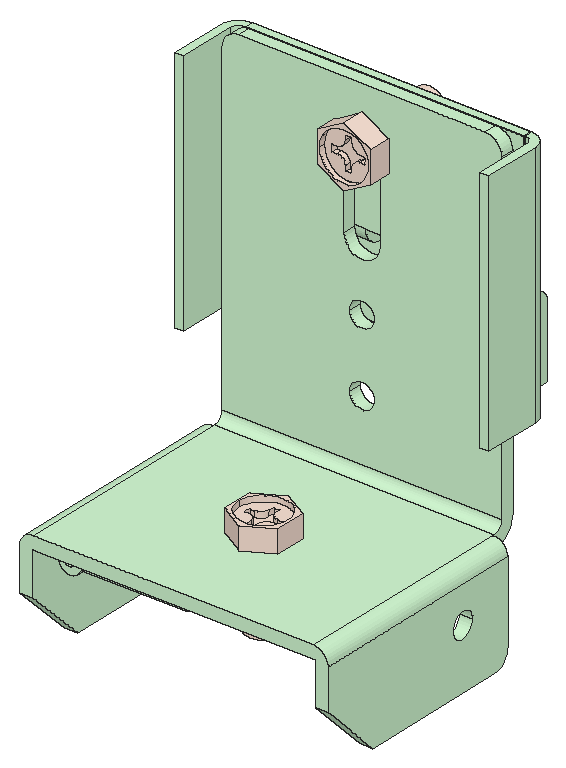
Revit family "アジャストソエル", category 機械設備, Revit 2020
Family settings
  丸型コネクタ寸法 = 直径を使用
  種別 = なし
  パーツ タイプ = 標準
  作業面ベース = いいえ
  常に垂直 = はい
  ロード時にボイドで切り取り = いいえ
  共有 = いいえ
  部屋計算ポイント = いいえ
Parameters
  製造元 = "株式会社桐井製作所"
  既定の高さ = 0 mm
  URL = "https://www.kirii.co.jp/"
  K_許容荷重(鉛直)(N) = 1100
  K_許容荷重(水平)(N) = 370
  K_品名 = "アジャストソエル"
  K_名称 = "野縁直付天井用クリップ"
  K_入数 = "50"
  K_バージョン情報 = "20211216"
Reference planes
  plane 1 "中心(正面/背面)": y = 0
  plane 2: z = 0
  plane 3 "中心(左/右)": x = 0
Forms (mm)
  Extrusion 1, solid
    sketch origin (0, 0, 0) x (0, 1, 0) y (0, 0, 1)
      loop
        arc (-1.7, -2.3) -> (1.128, -1.128) -> (2.3, 1.7) r 4
        line (2.3, 1.7) -> (2.3, 62.7) -> (0, 62.7) -> (0, 1.7)
        arc (0, 1.7) -> (-0.498, 0.498) -> (-1.7, 0) r 1.7
        line (-1.7, 0) -> (-42, 0) -> (-42, -2.3) -> (-1.7, -2.3)
    from -25 to 25
  Extrusion 2, solid
    sketch origin (0, 0, -2.3) x (1, 0, 0) y (0, 0, 1)
      loop
        line (-25.25, -17.7) -> (-25.25, 0) -> (25.25, 0) -> (25.25, -17.7) -> (27.55, -17.7) -> (27.55, -0.2)
        arc (27.55, -0.2) -> (26.818, 1.568) -> (25.05, 2.3) r 2.5
        line (25.05, 2.3) -> (-25.05, 2.3)
        arc (-25.05, 2.3) -> (-26.818, 1.568) -> (-27.55, -0.2) r 2.5
        line (-27.55, -0.2) -> (-27.55, -17.7) -> (-25.25, -17.7)
    from 2 to 42
  Extrusion 3, void
    sketch origin (0, 0, 0) x (1, 0, 0) y (0, 0, 1)
      loop
        line (-22.045, 62.7) -> (-25, 62.7) -> (-25, 59.7)
        arc (-25, 59.7) -> (-24.137, 61.806) -> (-22.045, 62.7) r 3
    from -2.3 to 0
  Extrusion 4, void
    sketch origin (0, 0, 0) x (1, 0, 0) y (0, 0, 1)
      loop
        line (25, 59.7) -> (25, 62.7) -> (22, 62.7)
        arc (22, 62.7) -> (24.121, 61.821) -> (25, 59.7) r 3
    from -2.3 to 0
  Extrusion 5, void
    sketch origin (0, 0, 0) x (1, 0, 0) y (0, 0, 1)
      loop
        arc (3.251, 52.698) -> (0.001, 55.948) -> (-3.249, 52.698) r 3.25
        line (-3.249, 52.698) -> (-3.249, 37.697)
        arc (-3.249, 37.697) -> (-0.05, 34.448) -> (3.251, 37.593) r 3.25
        line (3.251, 37.593) -> (3.251, 52.698)
      loop
        circle (0.004, 25.698) r 2.25
      loop
        circle (0.005, 12.698) r 2.25
    from -2.3 to 0
  Extrusion 6, void
    sketch origin (52.8, 0, 0) x (0, 1, 0) y (0, 0, 1)
      loop
        line (-42, -10) -> (-42, -20) -> (-32, -20) -> (-42, -10)
    from -27.55 to -25.25
  Extrusion 7, void
    sketch origin (52.8, 0, 0) x (0, 1, 0) y (0, 0, 1)
      loop
        line (-2, -20) -> (-2, -17)
        arc (-2, -17) -> (-2.879, -19.121) -> (-5, -20) r 3
        line (-5, -20) -> (-2, -20)
    from -27.55 to -25.25
  Extrusion 8, void
    sketch origin (0, 0, 0) x (0, 1, 0) y (0, 0, 1)
      loop
        line (-42, -10) -> (-42, -20) -> (-32, -20) -> (-42, -10)
    from -27.55 to -25.25
  Extrusion 9, void
    sketch origin (0, 0, 0) x (0, 1, 0) y (0, 0, 1)
      loop
        line (-2, -20) -> (-2, -17)
        arc (-2, -17) -> (-2.879, -19.121) -> (-5, -20) r 3
        line (-5, -20) -> (-2, -20)
    from -27.55 to -25.25
  Extrusion 10, void
    sketch origin (0, 0, 0) x (0, 1, 0) y (0, 0, 1)
      loop
        circle (-12, -9.1) r 2.25
    from -27.55 to -25.25
  Extrusion 11, void
    sketch origin (52.8, 0, 0) x (0, 1, 0) y (0, 0, 1)
      loop
        circle (-12, -9.1) r 2.25
    from -27.55 to -25.25
  Extrusion 12, void
    sketch origin (0, 0, 0) x (1, 0, 0) y (0, 1, 0)
      loop
        circle (0, -22) r 3.5
    from -2.3 to 0
  Extrusion 13, solid
    sketch origin (-152.832, -91.241, 38.712) x (1, 0, 0) y (0, 1, 0)
      loop
        arc (127.931, 97.991) -> (125.669, 97.053) -> (124.731, 94.791) r 3.2
        line (124.731, 94.791) -> (124.731, 84.49) -> (126.331, 84.49) -> (126.331, 94.791)
        arc (126.331, 94.791) -> (126.8, 95.922) -> (127.931, 96.391) r 1.6
        line (127.931, 96.391) -> (177.731, 96.391)
        arc (177.731, 96.391) -> (178.863, 95.922) -> (179.331, 94.791) r 1.6
        line (179.331, 94.791) -> (179.331, 84.49) -> (180.931, 84.49) -> (180.931, 94.791)
        arc (180.931, 94.791) -> (179.994, 97.053) -> (177.731, 97.991) r 3.2
        line (177.731, 97.991) -> (127.931, 97.991)
    from -22 to 22
  Extrusion 14, void
    sketch origin (-152.832, 0, 0) x (1, 0, 0) y (0, 0, 1)
      loop
        line (179.331, 35.912) -> (126.331, 35.912) -> (126.331, 16.712) -> (179.331, 16.712) -> (179.331, 35.912)
    from -6.75 to -5.15
  Extrusion 15, solid
    sketch origin (-152.832, 0, 0) x (1, 0, 0) y (0, 0, 1)
      loop
        circle (152.832, 52.715) r 4
      loop
        circle (152.832, 52.715) r 3
    from -7.95 to -5.15
  Extrusion 16, void
    sketch origin (-152.832, 0, 0) x (1, 0, 0) y (0, 0, 1)
      loop
        circle (152.832, 52.715) r 3
    from -6.75 to -5.15
  Extrusion 17, solid
    sketch origin (-0.019, -22.149, 103.153) x (1, 0, 0) y (0, 0, 1)
      loop
        arc (-18.445, -106.391) -> (-18.933, -106.494) -> (-19.329, -106.797) r 1.133
        line (-19.329, -106.797) -> (-19.911, -107.458)
        arc (-19.911, -107.458) -> (-20.243, -107.711) -> (-20.65, -107.801) r 0.967
        arc (-20.65, -107.801) -> (-21.066, -107.676) -> (-21.343, -107.342) r 0.753
        line (-21.343, -107.342) -> (-22.508, -104.601) -> (-23.583, -105.138) -> (-22.448, -107.811)
        arc (-22.448, -107.811) -> (-21.728, -108.677) -> (-20.65, -109.001) r 1.953
        arc (-20.65, -109.001) -> (-19.744, -108.802) -> (-19.004, -108.243) r 2.167
        line (-19.004, -108.243) -> (-18.429, -107.591) -> (18.47, -107.591) -> (19.042, -108.239)
        arc (19.042, -108.239) -> (19.782, -108.798) -> (20.688, -108.996) r 2.167
        arc (20.688, -108.996) -> (21.766, -108.672) -> (22.485, -107.806) r 1.953
        line (22.485, -107.806) -> (23.621, -105.132) -> (22.545, -104.596) -> (21.381, -107.337)
        arc (21.381, -107.337) -> (21.103, -107.671) -> (20.688, -107.796) r 0.753
        arc (20.688, -107.796) -> (20.281, -107.706) -> (19.949, -107.453) r 0.967
        line (19.949, -107.453) -> (19.367, -106.793)
        arc (19.367, -106.793) -> (18.932, -106.473) -> (18.399, -106.391) r 1.133
        line (18.399, -106.391) -> (-18.445, -106.391)
    from -17.649 to 17.351
  Extrusion 18, void
    sketch origin (0, 182.851, 103.153) x (1, 0, 0) y (0, 1, 0)
      loop
        line (19.556, -207.85) -> (0, -222.351) -> (23.602, -222.351) -> (23.602, -199.817)
        arc (23.602, -199.817) -> (22.532, -204.314) -> (19.556, -207.85) r 10
      loop
        line (-19.556, -201.853) -> (0, -187.351) -> (-23.602, -187.351) -> (-23.602, -209.885)
        arc (-23.602, -209.885) -> (-22.532, -205.389) -> (-19.556, -201.853) r 10
    from -109.407 to -104.239
  Extrusion 19, void
    sketch origin (0, 182.851, 104.091) x (1, 0, 0) y (0, 1, 0)
      loop
        circle (0, -204.851) r 3
    from -107.586 to -106.386
  Extrusion 20, solid
    sketch origin (-152.832, 0, 0) x (0, 1, 0) y (0, 0, 1)
      loop
        arc (8.35, 34.3) -> (7.219, 34.769) -> (6.75, 35.9) r 1.6
        line (6.75, 35.9) -> (6.75, 60.712) -> (5.15, 60.712) -> (5.15, 35.9)
        arc (5.15, 35.9) -> (5.579, 34.3) -> (6.75, 33.129) r 3.2
        arc (6.75, 33.129) -> (7.668, 32.774) -> (8.65, 32.714) r 3.2
        line (8.65, 32.714) -> (8.65, 19.1) -> (10.25, 19.1) -> (10.25, 32.3)
        arc (10.25, 32.3) -> (9.664, 33.714) -> (8.25, 34.3) r 2
    from 127.934 to 177.598
  Extrusion 21, void
    sketch origin (0, 0, 0) x (1, 0, 0) y (0, 0, 1)
      loop
        line (3.5, 19.1) -> (3.5, 35.912) -> (-3.5, 35.912) -> (-3.5, 19.1) -> (3.5, 19.1)
    from -10.25 to -5.15
Cuts and joins
  Extrusion 3, Extrusion 4, Extrusion 5, Extrusion 6, Extrusion 7, Extrusion 8, Extrusion 9, Extrusion 11, Extrusion 12 cuts Extrusion 1
  Extrusion 4, Extrusion 5, Extrusion 6, Extrusion 7, Extrusion 8, Extrusion 9, Extrusion 10, Extrusion 11, Extrusion 12 cuts Extrusion 2
  joined: Extrusion 1, Extrusion 2
  Extrusion 14, Extrusion 16 cuts Extrusion 13
  Extrusion 16 cuts Extrusion 15
  Extrusion 18, Extrusion 19 cuts Extrusion 17
  Extrusion 21 cuts Extrusion 20
Dimensions and locks
  aligned and locked: level to plane 2
Nested families
  nested 1: "トリーマセムス(首下15mm)" at (0, 0, 52.896) x (-1, 0, 0) z (0, 0, 1), type "トリーマセムス(首下15mm)"
  nested 2: "トリーマセムス(首下15mm)" at (0, -22.2, -0.003) x (-1, 0, 0) z (0, -1, 0.0001), type "トリーマセムス(首下15mm)"
Definition of nested family "トリーマセムス(首下15mm)"
  Parameters (values of type "トリーマセムス(首下15mm)")
    Manufacturer = "株式会社桐井製作所"
    Default Elevation = 0 mm
    URL = "https://www.kirii.co.jp/"
    K_名称 = "トリーマセムス(首下15mm)"
  Reference planes
    plane 1 "中心(正面/背面)": y = 0
    plane 2: z = 0
    plane 3 "中心(左/右)": x = 0
    plane 4 "正面": y = -4
  Forms (mm)
    Extrusion 1, solid
      sketch origin (0, 0, 0) x (1, 0, 0) y (0, 0, 1)
        loop
          line (-4.763, -2.946) -> (0, -5.696) -> (4.763, -2.946) -> (4.763, 2.554) -> (0, 5.304) -> (-4.763, 2.554) -> (-4.763, -2.946)
      from 0 to 4
    Extrusion 2, void
      sketch origin (0, -4, 0) x (-1, 0, 0) y (0, 0, 1)
        loop
          circle (0, -0.156) r 4.396
      from 0 to 1
    Extrusion 3, void
      sketch origin (0, -4, 0) x (-1, 0, 0) y (0, 0, 1)
        loop
          arc (-0.6, 1.814) -> (-1.069, 0.856) -> (-2.036, 0.404) r 1.605
          line (-2.036, 0.404) -> (-2.939, 0.404)
          arc (-2.939, 0.404) -> (-3, -0.195) -> (-2.94, -0.795) r 3
          line (-2.94, -0.795) -> (-2.049, -0.795)
          arc (-2.049, -0.795) -> (-1.074, -1.243) -> (-0.6, -2.206) r 1.605
          line (-0.6, -2.206) -> (-0.6, -3.135)
          arc (-0.6, -3.135) -> (0, -3.196) -> (0.6, -3.135) r 3
          line (0.6, -3.135) -> (0.6, -2.206)
          arc (0.6, -2.206) -> (1.074, -1.243) -> (2.049, -0.795) r 1.605
          line (2.049, -0.795) -> (2.94, -0.795)
          arc (2.94, -0.795) -> (3, -0.198) -> (2.941, 0.398) r 3
          line (2.941, 0.398) -> (2.117, 0.398)
          arc (2.117, 0.398) -> (1.098, 0.828) -> (0.6, 1.814) r 1.605
          line (0.6, 1.814) -> (0.6, 2.743)
          arc (0.6, 2.743) -> (0, 2.804) -> (-0.6, 2.743) r 3
          line (-0.6, 2.743) -> (-0.6, 1.814)
      from 0 to 2
    Extrusion 4, solid
      sketch origin (0, 0, 0) x (1, 0, 0) y (0, 0, 1)
        loop
          circle (-0.011, -0.2) r 3
      from 0 to -15
  Cuts and joins
    Extrusion 2, Extrusion 3 cuts Extrusion 1
    joined: Extrusion 1, Extrusion 4
  Dimensions and locks
    aligned and locked: level to plane 2
